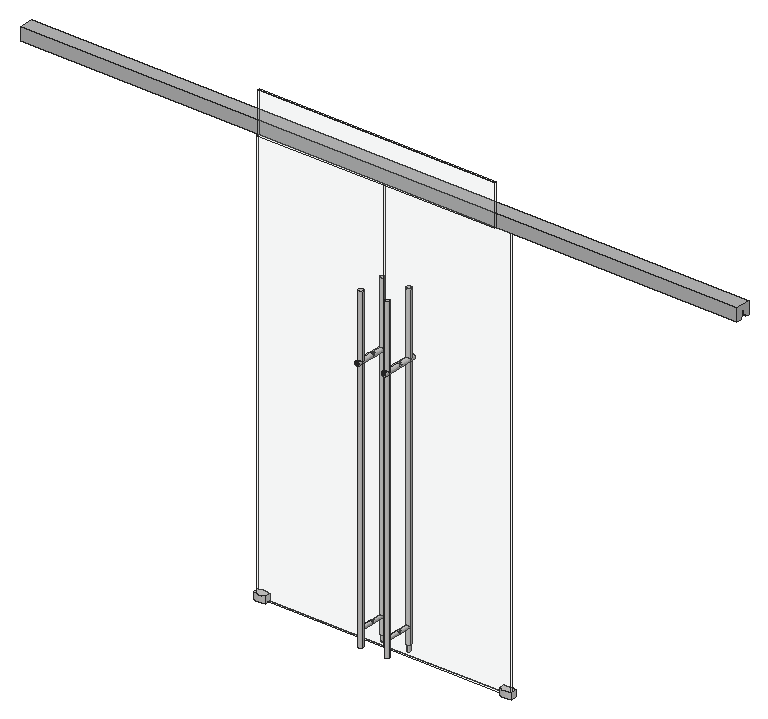
Revit family "Doors_Sliding_Avanti_Systems_Polaris-Auto-Magnetic-Slider_Pair-Glass-Mount-Dbl-Glazed", category Doors, Revit 2015 (continued)
Definition of nested family "Handle"
  Definition of nested family "Hinged Framed Swing locker"
    Automatic sketch dimensions
      Extrusion 3 sketch curve to Extrusion 3 sketch curve = 0.01087"  (x2)
      Extrusion 3 sketch curve to Extrusion 3 sketch curve = 0.08227"
      Extrusion 3 sketch curve to plane 12 = 7/16"
      Extrusion 3 sketch curve to Extrusion 3 sketch curve = 0.09962"
      Extrusion 3 sketch curve to Extrusion 3 sketch curve = 0.1465"
      Extrusion 3 sketch curve to Extrusion 3 sketch curve = 0.06811"  (x2)
      Extrusion 3 sketch curve to Extrusion 3 sketch curve = 0.20701"
      plane 13 to Extrusion 3 sketch curve = 1/16"
      Extrusion 4 sketch curve to Extrusion 4 sketch curve = 0"  (x2)
      Extrusion 4 sketch curve to Extrusion 1 = 1"
      Extrusion 1 to Extrusion 4 sketch curve = 1 15/16"
      Extrusion 5 sketch curve to Extrusion 1 = 1"
      Extrusion 1 to Extrusion 5 sketch curve = 1 15/16"
      Extrusion 7 sketch curve to plane 3 "Center (Left/Right)" = 0"
      plane 25 to Extrusion 7 sketch curve = 0.32895"
      plane 20 to Extrusion 8 sketch curve = 0.80529"
      plane 12 to Extrusion 8 sketch curve = 0.68029"
      Extrusion 8 sketch curve to Extrusion 8 sketch curve = 0.0111"
      Extrusion 8 sketch curve to Extrusion 8 sketch curve = 0.12313"
      Extrusion 8 sketch curve to Extrusion 8 sketch curve = 0.09753"
      Extrusion 8 sketch curve to Extrusion 8 sketch curve = 0.1137"
      Extrusion 9 sketch curve to Extrusion 9 sketch curve = 0"  (x4)
      Extrusion 9 sketch curve to Extrusion 1 = 0.71851"
      Extrusion 9 sketch curve to Extrusion 9 sketch curve = 0.28149"
      Extrusion 1 to Extrusion 9 sketch curve = 3.3098"
      Extrusion 9 sketch curve to Extrusion 9 sketch curve = 0.0652"  (x3)
      Extrusion 1 to Extrusion 9 sketch curve = 2.65457"
      Extrusion 1 to Extrusion 9 sketch curve = 2.57443"
      Extrusion 9 sketch curve to Extrusion 9 sketch curve = 0.21707"
      Extrusion 9 sketch curve to Extrusion 9 sketch curve = 0.14346"
      plane 20 to Extrusion 10 sketch curve = 0.80529"
      plane 12 to Extrusion 10 sketch curve = 0.68029"
      Extrusion 10 sketch curve to Extrusion 10 sketch curve = 0.0111"
      Extrusion 10 sketch curve to Extrusion 10 sketch curve = 0.12313"
      Extrusion 10 sketch curve to Extrusion 10 sketch curve = 0.08537"
      Extrusion 10 sketch curve to Extrusion 10 sketch curve = 0.1137"
      Extrusion 11 sketch curve to plane 3 "Center (Left/Right)" = 0"
      plane 25 to Extrusion 11 sketch curve = 0.32895"
      plane 27 to Extrusion 12 sketch curve = 1.04735"
      Extrusion 12 sketch curve to plane 26 = 0.06323"
      Extrusion 12 sketch curve to plane 26 = 0.05213"
      Extrusion 12 sketch curve to plane 16 = 0.02652"
      Extrusion 12 sketch curve to Extrusion 12 sketch curve = 0.08537"
      Extrusion 12 sketch curve to Extrusion 12 sketch curve = 0.1137"
      Extrusion 13 sketch curve to Extrusion 13 sketch curve = 0"  (x2)
      Extrusion 13 sketch curve to plane 24 = 0"
      Extrusion 13 sketch curve to plane 3 "Center (Left/Right)" = 0"
      plane 28 to Extrusion 13 sketch curve = 0.27265"
      Extrusion 13 sketch curve to plane 24 = 0.0652"  (x2)
      plane 28 to Extrusion 13 sketch curve = 0.35279"
      Extrusion 13 sketch curve to Extrusion 13 sketch curve = 0.0652"  (x2)
      plane 25 to Extrusion 13 sketch curve = 0.32895"
      Extrusion 13 sketch curve to Extrusion 13 sketch curve = 0.14346"
      plane 25 to Extrusion 13 sketch curve = 0.11187"
      plane 3 "Center (Left/Right)" to Extrusion 13 sketch curve = 0.28149"
      plane 27 to Extrusion 14 sketch curve = 1.04735"
      Extrusion 14 sketch curve to plane 26 = 0.06323"
      Extrusion 14 sketch curve to plane 26 = 0.05213"
      Extrusion 14 sketch curve to plane 16 = 0.02652"
      Extrusion 14 sketch curve to Extrusion 14 sketch curve = 0.09753"
      Extrusion 14 sketch curve to Extrusion 14 sketch curve = 0.1137"
      plane 24 to curve 1 = 5/256"
      plane 25 to curve 1 = 0.32895"
      plane 3 "Center (Left/Right)" to curve 1 = 91/256"
      radius of Extrusion 4 sketch curve = 0.63654"
      radius of Extrusion 4 sketch curve = 0.60041"
      radius of Extrusion 5 sketch curve = 0.60041"
      radius of Blend 6 sketch curve = 0.21605"
      radius of Blend 6 sketch curve = 0.19257"
      radius of Extrusion 7 sketch curve = 91/256"
      radius of Extrusion 11 sketch curve = 91/256"
  Definition of nested family "Handle_For-Glass_Rounded_600mm"
    Parameters (values of type "Handle_For-Glass_Rounded_600mm")
      Handle Material [instance] = none
      Handle Height [instance] = 48"  # constant formula
      Default Elevation = 48"
    Reference planes (in)
      plane 1 "Center (Front/Back)": y = 0
      plane 2: z = 26.93599
      plane 3 "Center (Left/Right)": x = 0
      plane 4: z = 0
      plane 5: z = -2.66749
      plane 6: y = -28.44876
      plane 7: y = 14.63423
      plane 8: y = -33.36577
    Forms (in)
      Sweep 1, solid, material <- "Handle Material"
        path origin (0, -17.24158, 0) x (0, 0, 1) y (0, -1, 0)
          loop
            line (-2.10925, 11.20718) -> (0, 11.20718)
        profile origin (0, -28.44876, 0) x (0, -1, 0) y (1, 0, 0)
          loop
            circle (0, 0) r 0.3125
      Sweep 2, solid, material <- "Handle Material"
        path origin (0, 10.76459, 0) x (0, 0, 1) y (0, -1, 0)
          loop
            line (-2.30394, 1.07019) -> (0, 1.07019)
        profile origin (0, 9.69441, 0) x (0, -1, 0) y (1, 0, 0)
          loop
            circle (0, 0) r 0.3125
      Extrusion 3, solid, material <- "Handle Material"
        sketch origin (0, -17.24158, 0) x (1, 0, 0) y (0, 0, -1)
          loop
            circle (0, 2.27257) r 0.39445
        from -16.12419 to 31.87581
    Dimensions and locks (in)
      locked: plane 8 to plane 6 at 4.91701
      "Handle Height": plane 7 to plane 8
      aligned and locked: plane 7 to Extrusion 3
      aligned and locked: Extrusion 3 to plane 8
  Definition of nested family "Handle_For-Glass_Rounded_60in"
    Parameters (values of type "60"")
      No locker [instance] = yes
      Locker [instance] = yes
      Handle Material [instance] = none
      Handle Height [instance] = 60"  # constant formula
    Reference planes (in)
      plane 1 "Center (Front/Back)": y = 0
      plane 2: z = 19.87581
      plane 3 "Center (Left/Right)": x = 0
      plane 4: z = 2.66749
      plane 5: y = -36.97039
      plane 6: z = 0
      plane 7: y = 20.02961
      plane 8: y = -39.97039
    Forms (in)
      Sweep 1, solid, material <- "Handle Material"
        path origin (0, -11.8462, 0) x (0, 0, -1) y (0, 1, 0)
          loop
            line (-2.10925, -25.12419) -> (0, -25.12419)
        profile origin (0, -36.97039, 0) x (1, 0, 0) y (0, 1, 0)
          loop
            circle (0, 0) r 0.3125
      Sweep 2, solid, material <- "Handle Material"
        path origin (0, 16.15997, 0) x (0, 0, -1) y (0, 1, 0)
          loop
            line (-3.10757, -8.13036) -> (0, -8.13036)
        profile origin (0, 8.02961, 0) x (1, 0, 0) y (0, 1, 0)
          loop
            circle (0, 0) r 0.4375
      Extrusion 3, solid, material <- "Handle Material"
        sketch origin (0, -11.8462, 0) x (1, 0, 0) y (0, 0, -1)
          loop
            circle (0, -2.27257) r 0.39445
        from -28.12419 to 31.87581
      Revolve 4, solid, material <- "Handle Material"
        sketch origin (0, -11.8462, 0) x (0, 0, -1) y (0, 1, 0)
          loop
            line (-3.10757, 20.0489) -> (-3.19084, 20.0489) -> (-3.19084, 19.87581) -> (-3.10757, 19.87581) -> (-3.10757, 20.0489)
          axis (-3.10757, 19.87581) -> (-3.19084, 19.87581)
        angle from 0 to 360
      Extrusion 5, solid, material <- "Handle Material", visible <- "Locker"
        sketch origin (0, -11.8462, 0) x (0, 0, -1) y (0, 1, 0)
          loop
            line (-3.19084, 19.98905) -> (-3.34908, 19.98905)
            arc (-3.34908, 19.98905) -> (-3.37904, 19.97664) -> (-3.39145, 19.94668) r 0.04237
            line (-3.39145, 19.94668) -> (-3.39145, 19.80495)
            arc (-3.39145, 19.80495) -> (-3.37904, 19.77499) -> (-3.34908, 19.76258) r 0.04237
            line (-3.34908, 19.76258) -> (-3.19084, 19.76258) -> (-3.19084, 19.98905)
        from -0.03592 to 0.03621
      Revolve 6, solid, material <- "Handle Material", visible <- "No locker"
        sketch origin (0, -11.62359, 0) x (0, 0, -1) y (0, 1, 0)
          loop
            line (-3.10757, 20.0489) -> (-3.20833, 20.0489) -> (-3.20833, 19.87581) -> (-3.10757, 19.87581) -> (-3.10757, 20.0489)
          axis (-3.10757, 19.87581) -> (-3.20833, 19.87581)
        angle from 0 to 360
      Revolve 7, solid, material <- "Handle Material", visible <- "Locker"
        sketch origin (0, -11.8462, 0) x (0, 0, -1) y (0, 1, 0)
          loop
            line (-2.27257, -28.12419) -> (-2.50833, -28.12419) -> (-2.50833, -29.32199) -> (-2.41048, -29.49919) -> (-2.27257, -29.49919) -> (-2.27257, -28.12419)
          axis (-2.27257, -28.12419) -> (-2.27257, -29.49919)
        angle from 0 to 360
    Lines and regions (in)
      reference lines
        curve 1: line (0, -40.47039, 2.66749) -> (0, -40.47039, 0)
    Dimensions and locks (in)
      locked: plane 8 to plane 5 at 3
      "Handle Height": plane 7 to plane 8
      aligned and locked: Extrusion 3 to plane 7
      aligned and locked: Extrusion 3 to plane 8
      aligned and locked: Sweep 1 sketch curve to plane 5
  Definition of nested family "Handle_For-Glass_Rounded_60in2"
    Parameters (values of type "60"")
      No locker [instance] = yes
      Locker [instance] = yes
      Handle Material [instance] = none
      Handle Height [instance] = 60"  # constant formula
    Reference planes (in)
      plane 1 "Center (Front/Back)": y = 0
      plane 2: z = 19.87581
      plane 3 "Center (Left/Right)": x = 0
      plane 4: y = -36.97039
      plane 5: z = 0
      plane 6: y = 20.02961
      plane 7: y = -39.97039
      plane 8: z = -2.66749
    Forms (in)
      Sweep 1, solid, material <- "Handle Material"
        path origin (0, -11.8462, 0) x (0, 0, 1) y (0, 1, 0)
          loop
            line (-2.10925, -25.12419) -> (0, -25.12419)
        profile origin (0, -36.97039, 0) x (0, -1, 0) y (1, 0, 0)
          loop
            circle (0, 0) r 0.3125
      Sweep 2, solid, material <- "Handle Material"
        path origin (0, 16.15997, 0) x (0, 0, 1) y (0, 1, 0)
          loop
            line (-3.10757, -8.13036) -> (0, -8.13036)
        profile origin (0, 8.02961, 0) x (0, -1, 0) y (1, 0, 0)
          loop
            circle (0, 0) r 0.4375
      Extrusion 3, solid, material <- "Handle Material"
        sketch origin (0, -11.8462, 0) x (1, 0, 0) y (0, 0, -1)
          loop
            circle (0, 2.27257) r 0.39445
        from -28.12419 to 31.87581
      Revolve 4, solid, material <- "Handle Material"
        sketch origin (0, -11.8462, 0) x (0, 0, 1) y (0, 1, 0)
          loop
            line (-3.10757, 20.0489) -> (-3.19084, 20.0489) -> (-3.19084, 19.87581) -> (-3.10757, 19.87581) -> (-3.10757, 20.0489)
          axis (-3.10757, 19.87581) -> (-3.19084, 19.87581)
        angle from 0 to 360
      Extrusion 5, solid, material <- "Handle Material", visible <- "Locker"
        sketch origin (0, -11.8462, 0) x (0, 0, 1) y (0, -1, 0)
          loop
            line (-3.19084, -19.98905) -> (-3.19084, -19.76258) -> (-3.34908, -19.76258)
            arc (-3.34908, -19.76258) -> (-3.37904, -19.77499) -> (-3.39145, -19.80495) r 0.04237
            line (-3.39145, -19.80495) -> (-3.39145, -19.94668)
            arc (-3.39145, -19.94668) -> (-3.37904, -19.97664) -> (-3.34908, -19.98905) r 0.04237
            line (-3.34908, -19.98905) -> (-3.19084, -19.98905)
        from -0.03592 to 0.03621
      Revolve 6, solid, material <- "Handle Material", visible <- "No locker"
        sketch origin (0, -11.62359, 0) x (0, 0, 1) y (0, 1, 0)
          loop
            line (-3.10757, 20.0489) -> (-3.20833, 20.0489) -> (-3.20833, 19.87581) -> (-3.10757, 19.87581) -> (-3.10757, 20.0489)
          axis (-3.10757, 19.87581) -> (-3.20833, 19.87581)
        angle from 0 to 360
      Revolve 7, solid, material <- "Handle Material", visible <- "Locker"
        sketch origin (0, -11.8462, 0) x (0, 0, 1) y (0, 1, 0)
          loop
            line (-2.27257, -28.12419) -> (-2.50833, -28.12419) -> (-2.50833, -29.32199) -> (-2.41048, -29.49919) -> (-2.27257, -29.49919) -> (-2.27257, -28.12419)
          axis (-2.27257, -28.12419) -> (-2.27257, -29.49919)
        angle from 0 to 360
    Lines and regions (in)
      reference lines
        curve 1: line (0, -40.47039, -2.66749) -> (0, -40.47039, 0)
    Dimensions and locks (in)
      locked: plane 7 to plane 4 at 3
      "Handle Height": plane 6 to plane 7
Definition of nested family "Rail Detail"
  Parameters (values of type "Family9")
    Thickness = 1/2"
    Half Thickness = Thickness / 2  # 1/4"
  Reference planes (in)
    plane 1 "Center (Front/Back)": y = 0
    plane 2: z = 0
    plane 3 "Center (Left/Right)": x = 0
    plane 4: x = 0.07386
  Lines and regions (in)
    model lines, in view "Ref. Level"
      curve 1: arc (-1.04773, 0.84252, 0) -> (-0.88829, 0.68307, 0) -> (-0.72884, 0.84252, 0) r 0.15945
      curve 2: arc (-0.72884, -0.84252, 0) -> (-0.8873, -0.68406, 0) -> (-1.04577, -0.84252, 0) r 0.15846
      curve 3: arc (1.33613, 1.08268, 0) -> (1.31306, 1.13836, 0) -> (1.25739, 1.16142, 0) r 0.07874
      curve 4: arc (1.25739, -1.18111, 0) -> (1.31306, -1.15804, 0) -> (1.33613, -1.10236, 0) r 0.07874
      curve 5: arc (0.74558, -1.16929, 0) -> (0.74904, -1.17765, 0) -> (0.75739, -1.18111, 0) r 0.01181
      curve 6: arc (0.75739, -1.07284, 0) -> (0.74903, -1.0763, 0) -> (0.74558, -1.08465, 0) r 0.01181
      curve 7: arc (0.80848, -1.07562, 0) -> (0.80492, -1.07355, 0) -> (0.80087, -1.07284, 0) r 0.01182
      curve 8: arc (0.81644, -1.08759, 0) -> (0.81516, -1.08223, 0) -> (0.81158, -1.07804, 0) r 0.01181
      curve 9: arc (0.81644, -1.12205, 0) -> (0.81875, -1.12762, 0) -> (0.82432, -1.12992, 0) r 0.00787
      curve 10: arc (0.86369, -1.12992, 0) -> (0.86925, -1.12762, 0) -> (0.87156, -1.12205, 0) r 0.00787
      curve 11: arc (0.87642, -1.07804, 0) -> (0.87285, -1.08223, 0) -> (0.87156, -1.08759, 0) r 0.01181
      curve 12: arc (0.87642, -1.07804, 0) -> (0.89912, -1.03347, 0) -> (0.87642, -0.9889, 0) r 0.05512
      curve 13: arc (0.87156, -0.97934, 0) -> (0.87285, -0.9847, 0) -> (0.87642, -0.9889, 0) r 0.01182
      curve 14: arc (0.87156, -0.94488, 0) -> (0.86925, -0.93932, 0) -> (0.86369, -0.93701, 0) r 0.00787
      curve 15: arc (0.82432, -0.93701, 0) -> (0.81875, -0.93932, 0) -> (0.81644, -0.94488, 0) r 0.00787
      curve 16: arc (0.81158, -0.98889, 0) -> (0.81516, -0.9847, 0) -> (0.81644, -0.97934, 0) r 0.01182
      curve 17: arc (0.80088, -0.9941, 0) -> (0.80493, -0.99338, 0) -> (0.80848, -0.99132, 0) r 0.0118
      curve 18: arc (0.74558, -0.98229, 0) -> (0.74903, -0.99064, 0) -> (0.75739, -0.9941, 0) r 0.01181
      curve 19: arc (0.75739, -0.88583, 0) -> (0.74903, -0.88929, 0) -> (0.74558, -0.89764, 0) r 0.01181
      curve 20: arc (1.00148, -0.89764, 0) -> (0.99802, -0.88929, 0) -> (0.98967, -0.88583, 0) r 0.01181
      curve 21: arc (1.00148, -1.09055, 0) -> (1.00494, -1.0989, 0) -> (1.01329, -1.10236, 0) r 0.01181
      curve 22: arc (1.26526, -1.10236, 0) -> (1.27361, -1.0989, 0) -> (1.27707, -1.09055, 0) r 0.01181
      curve 23: arc (1.27707, 0.68898, 0) -> (1.26554, 0.71682, 0) -> (1.2377, 0.72835, 0) r 0.03937
      curve 24: arc (1.21802, 0.74016, 0) -> (1.22148, 0.73181, 0) -> (1.22983, 0.72835, 0) r 0.01181
      curve 25: arc (1.21802, 1.01968, 0) -> (1.21571, 1.02525, 0) -> (1.21014, 1.02756, 0) r 0.00788
      curve 26: arc (0.844, 1.09843, 0) -> (0.80857, 1.06299, 0) -> (0.844, 1.02756, 0) r 0.03543
      curve 27: arc (1.07629, 1.09843, 0) -> (1.08185, 1.10073, 0) -> (1.08416, 1.1063, 0) r 0.00787
      curve 28: arc (1.09204, 1.16142, 0) -> (1.08647, 1.15911, 0) -> (1.08416, 1.15354, 0) r 0.00788
      curve 29: arc (-1.25049, 0.88583, 0) -> (-1.25884, 0.88237, 0) -> (-1.2623, 0.87402, 0) r 0.01181
      curve 30: arc (-1.2623, -0.87402, 0) -> (-1.25884, -0.88237, 0) -> (-1.25049, -0.88583, 0) r 0.01181
      curve 31: arc (-0.46309, -0.9941, 0) -> (-0.45474, -0.99064, 0) -> (-0.45128, -0.98229, 0) r 0.01181
      curve 32: arc (-0.51419, -0.99132, 0) -> (-0.51689, -0.98918, 0) -> (-0.51971, -0.98722, 0) r 0.05492
      curve 33: arc (0.82235, 0.88583, 0) -> (0.814, 0.88237, 0) -> (0.81054, 0.87402, 0) r 0.01181
      curve 34: arc (-0.1875, 1.02362, 0) -> (-0.19585, 1.02017, 0) -> (-0.19931, 1.01181, 0) r 0.01181
      curve 35: arc (-0.21112, 0.95669, 0) -> (-0.20277, 0.96015, 0) -> (-0.19931, 0.9685, 0) r 0.01181
      curve 36: arc (-0.49065, 0.95669, 0) -> (-0.499, 0.95323, 0) -> (-0.50246, 0.94488, 0) r 0.01181
      curve 37: arc (-0.50246, 0.85827, 0) -> (-0.499, 0.84992, 0) -> (-0.49065, 0.84646, 0) r 0.01181
      curve 38: arc (-0.39616, 0.83465, 0) -> (-0.39962, 0.843, 0) -> (-0.40797, 0.84646, 0) r 0.01181
      curve 39: arc (-0.40797, 0.72835, 0) -> (-0.39962, 0.73181, 0) -> (-0.39616, 0.74016, 0) r 0.01181
      curve 40: arc (-0.50593, 0.73181, 0) -> (-0.50209, 0.72925, 0) -> (-0.49756, 0.72835, 0) r 0.01184
      curve 41: arc (-0.60088, 0.83166, 0) -> (-0.59998, 0.82715, 0) -> (-0.59743, 0.82332, 0) r 0.0118
      curve 42: arc (-0.60088, 0.87402, 0) -> (-0.60434, 0.88237, 0) -> (-0.61269, 0.88583, 0) r 0.01181
      curve 43: arc (1.13337, 0.87402, 0) -> (1.12991, 0.88237, 0) -> (1.12156, 0.88583, 0) r 0.01181
      curve 44: arc (0.81054, 0.8189, 0) -> (0.814, 0.81054, 0) -> (0.82235, 0.80709, 0) r 0.01181
      curve 45: arc (0.86369, 0.79528, 0) -> (0.86023, 0.80363, 0) -> (0.85188, 0.80709, 0) r 0.01181
      curve 46: arc (0.85188, 0.72835, 0) -> (0.86023, 0.73181, 0) -> (0.86369, 0.74016, 0) r 0.01181
      curve 47: arc (0.59991, 0.84646, 0) -> (0.59155, 0.843, 0) -> (0.58809, 0.83465, 0) r 0.01181
      curve 48: arc (0.68258, 0.84646, 0) -> (0.69094, 0.84992, 0) -> (0.69439, 0.85827, 0) r 0.01181
      curve 49: arc (-0.45128, -0.89764, 0) -> (-0.45474, -0.88929, 0) -> (-0.46309, -0.88583, 0) r 0.01181
      curve 50: arc (-0.51419, -0.99132, 0) -> (-0.51063, -0.99338, 0) -> (-0.50658, -0.9941, 0) r 0.0118
      curve 51: arc (-0.57969, -0.98722, 0) -> (-0.60482, -1.03347, 0) -> (-0.57969, -1.07971, 0) r 0.05512
      curve 52: arc (-0.51971, -1.07971, 0) -> (-0.51688, -1.07775, 0) -> (-0.51418, -1.07562, 0) r 0.05538
      curve 53: arc (-0.50657, -1.07284, 0) -> (-0.51062, -1.07355, 0) -> (-0.51418, -1.07562, 0) r 0.01182
      curve 54: arc (-0.45128, -1.08465, 0) -> (-0.45474, -1.0763, 0) -> (-0.46309, -1.07284, 0) r 0.01181
      curve 55: arc (-0.46309, -1.18111, 0) -> (-0.45474, -1.17765, 0) -> (-0.45128, -1.16929, 0) r 0.01181
      curve 56: arc (-1.41978, -1.10236, 0) -> (-1.39672, -1.15804, 0) -> (-1.34104, -1.18111, 0) r 0.07874
      curve 57: arc (-1.34104, 1.1811, 0) -> (-1.39672, 1.15804, 0) -> (-1.41978, 1.10236, 0) r 0.07874
      curve 58: arc (0.5881, 0.74016, 0) -> (0.59155, 0.73181, 0) -> (0.59991, 0.72835, 0) r 0.01181
      curve 59: arc (0.78638, 1.17372, 0) -> (0.78203, 1.17909, 0) -> (0.77543, 1.1811, 0) r 0.01181
      curve 60: arc (0.78638, 1.17372, 0) -> (0.80463, 1.16142, 0) -> (0.82288, 1.17372, 0) r 0.01969
      curve 61: arc (0.83383, 1.1811, 0) -> (0.82723, 1.17909, 0) -> (0.82288, 1.17372, 0) r 0.01181
      curve 62: arc (0.69439, 0.94488, 0) -> (0.69094, 0.95323, 0) -> (0.68258, 0.95669, 0) r 0.01181
      curve 63: arc (0.39124, 0.9685, 0) -> (0.3947, 0.96015, 0) -> (0.40305, 0.95669, 0) r 0.01181
      curve 64: arc (0.39124, 1.01181, 0) -> (0.38779, 1.02017, 0) -> (0.37943, 1.02362, 0) r 0.01181
      curve 65: arc (1.20893, 0.9635, 0) -> (1.21547, 0.96767, 0) -> (1.21802, 0.975, 0) r 0.01181
      curve 66: arc (1.20893, 0.9635, 0) -> (1.17865, 0.9252, 0) -> (1.20893, 0.88689, 0) r 0.03937
      curve 67: arc (1.21802, 0.8754, 0) -> (1.21547, 0.88272, 0) -> (1.20893, 0.88689, 0) r 0.01181
      curve 68: arc (1.20621, 0.72835, 0) -> (1.21456, 0.73181, 0) -> (1.21802, 0.74016, 0) r 0.01181
      curve 69: arc (1.08022, 0.74016, 0) -> (1.08368, 0.73181, 0) -> (1.09203, 0.72835, 0) r 0.01181
      curve 70: arc (1.09203, 0.80709, 0) -> (1.08368, 0.80363, 0) -> (1.08022, 0.79528, 0) r 0.01181
      curve 71: arc (1.12156, 0.80709, 0) -> (1.12991, 0.81054, 0) -> (1.13337, 0.8189, 0) r 0.01181
      curve 72: arc (-1.09695, -1.04331, 0) -> (-1.09464, -1.04888, 0) -> (-1.08907, -1.05118, 0) r 0.00787
      curve 73: arc (-0.6875, -1.05118, 0) -> (-0.68193, -1.04888, 0) -> (-0.67962, -1.04331, 0) r 0.00787
      curve 74: arc (-0.67175, -0.88583, 0) -> (-0.67732, -0.88813, 0) -> (-0.67962, -0.8937, 0) r 0.00787
      curve 75: arc (-1.09695, -0.8937, 0) -> (-1.09925, -0.88814, 0) -> (-1.10482, -0.88583, 0) r 0.00787
      curve 76: arc (-1.08907, 1.05118, 0) -> (-1.09463, 1.04888, 0) -> (-1.09695, 1.04332, 0) r 0.00788
      curve 77: arc (-1.10482, 0.88583, 0) -> (-1.09925, 0.88814, 0) -> (-1.09695, 0.8937, 0) r 0.00787
      curve 78: arc (-0.67962, 1.0433, 0) -> (-0.68193, 1.04888, 0) -> (-0.6875, 1.05118, 0) r 0.00788
      curve 79: arc (-0.67962, 0.8937, 0) -> (-0.67732, 0.88813, 0) -> (-0.67175, 0.88583, 0) r 0.00787
      curve 80: arc (-0.53002, -1.12992, 0) -> (-0.52445, -1.12762, 0) -> (-0.52214, -1.12205, 0) r 0.00787
      curve 81: arc (-0.57726, -1.12205, 0) -> (-0.57495, -1.12762, 0) -> (-0.56939, -1.12992, 0) r 0.00787
      curve 82: arc (-0.56939, -0.93701, 0) -> (-0.57495, -0.93932, 0) -> (-0.57726, -0.94488, 0) r 0.00787
      curve 83: arc (-0.52214, -0.94488, 0) -> (-0.52445, -0.93932, 0) -> (-0.53002, -0.93701, 0) r 0.00787
      curve 84: arc (1.08022, 1.16929, 0) -> (1.07676, 1.17764, 0) -> (1.06841, 1.1811, 0) r 0.01181
      curve 85: arc (1.04085, 1.10236, 0) -> (1.06869, 1.1139, 0) -> (1.08022, 1.14173, 0) r 0.03937
      curve 86: arc (0.99314, 1.10691, 0) -> (0.99728, 1.10356, 0) -> (1.00246, 1.10236, 0) r 0.01181
      curve 87: arc (0.99314, 1.10691, 0) -> (0.96211, 1.12205, 0) -> (0.93108, 1.10691, 0) r 0.03937
      curve 88: arc (0.92177, 1.10236, 0) -> (0.92695, 1.10356, 0) -> (0.93108, 1.10691, 0) r 0.01181
      curve 89: arc (0.844, 1.10236, 0) -> (0.80463, 1.06299, 0) -> (0.844, 1.02362, 0) r 0.03937
      curve 90: arc (0.93108, 1.01908, 0) -> (0.92695, 1.02243, 0) -> (0.92177, 1.02362, 0) r 0.01181
      curve 91: arc (0.93108, 1.01908, 0) -> (0.96211, 1.00394, 0) -> (0.99314, 1.01908, 0) r 0.03937
      curve 92: arc (1.00246, 1.02362, 0) -> (0.99727, 1.02243, 0) -> (0.99314, 1.01908, 0) r 0.01181
      curve 93: arc (1.21802, 1.01181, 0) -> (1.21456, 1.02017, 0) -> (1.20621, 1.02362, 0) r 0.01181
      curve 94: line (-1.03396, 1, 0) -> (-0.74262, 1, 0)
      curve 95: line (-1.04773, 0.84252, 0) -> (-1.04773, 0.89626, 0)
      curve 96: line (-0.72884, 0.89626, 0) -> (-0.72884, 0.84252, 0)
      curve 97: line (-1.03396, -1, 0) -> (-0.74262, -1, 0)
      curve 98: line (-0.72884, -0.89626, 0) -> (-0.72884, -0.84252, 0)
      curve 99: line (-1.04577, -0.84252, 0) -> (-1.04577, -0.89626, 0)
      curve 100: line (1.33613, -1.10236, 0) -> (1.33613, 1.08268, 0)
      curve 101: line (0.75739, -1.18111, 0) -> (1.25739, -1.18111, 0)
      curve 102: line (0.75739, -1.07284, 0) -> (0.80087, -1.07284, 0)
      curve 103: line (0.81644, -1.08759, 0) -> (0.81644, -1.12205, 0)
      curve 104: line (0.82432, -1.12992, 0) -> (0.86369, -1.12992, 0)
      curve 105: line (0.87156, -1.12205, 0) -> (0.87156, -1.08759, 0)
      curve 106: line (0.87156, -0.97934, 0) -> (0.87156, -0.94488, 0)
      curve 107: line (0.86369, -0.93701, 0) -> (0.82432, -0.93701, 0)
      curve 108: line (0.81644, -0.94488, 0) -> (0.81644, -0.97934, 0)
      curve 109: line (0.80088, -0.9941, 0) -> (0.75739, -0.9941, 0)
      curve 110: line (0.75739, -0.88583, 0) -> (0.98967, -0.88583, 0)
      curve 111: line (1.26526, -1.10236, 0) -> (1.01329, -1.10236, 0)
      curve 112: line (1.27707, 0.68898, 0) -> (1.27707, -1.09055, 0)
      curve 113: line (1.22983, 0.72835, 0) -> (1.2377, 0.72835, 0)
      curve 114: line (1.21802, 1.01968, 0) -> (1.21802, 0.74016, 0)
      curve 115: line (1.21802, 0.74016, 0) -> (1.21802, 0.8754, 0)
      curve 116: line (1.00246, 1.02362, 0) -> (1.20621, 1.02362, 0)
      curve 117: line (1.21014, 1.02756, 0) -> (0.844, 1.02756, 0)
      curve 118: line (0.844, 1.02362, 0) -> (0.92177, 1.02362, 0)
      curve 119: line (0.92177, 1.10236, 0) -> (0.844, 1.10236, 0)
      curve 120: line (0.844, 1.09843, 0) -> (1.07629, 1.09843, 0)
      curve 121: line (1.08416, 1.1063, 0) -> (1.08416, 1.15354, 0)
      curve 122: line (1.25739, 1.16142, 0) -> (1.09204, 1.16142, 0)
      curve 123: line (0.74558, -0.89764, 0) -> (0.74558, -0.98229, 0)
      curve 124: line (1.00148, -1.09055, 0) -> (1.00148, -0.89764, 0)
      curve 125: line (0.74558, -1.08465, 0) -> (0.74558, -1.16929, 0)
      curve 126: line (-1.25049, 0.88583, 0) -> (-1.10482, 0.88583, 0)
      curve 127: line (-1.2623, -0.87402, 0) -> (-1.2623, 0.87402, 0)
      curve 128: line (-0.50658, -0.9941, 0) -> (-0.46309, -0.9941, 0)
      curve 129: line (0.82235, 0.88583, 0) -> (1.12156, 0.88583, 0)
      curve 130: line (-0.19931, 0.9685, 0) -> (-0.19931, 1.01181, 0)
      curve 131: line (-0.49065, 0.95669, 0) -> (-0.21112, 0.95669, 0)
      curve 132: line (-0.50246, 0.85827, 0) -> (-0.50246, 0.94488, 0)
      curve 133: line (-0.40797, 0.84646, 0) -> (-0.49065, 0.84646, 0)
      curve 134: line (-0.39616, 0.74016, 0) -> (-0.39616, 0.83465, 0)
      curve 135: line (-0.49756, 0.72835, 0) -> (-0.40797, 0.72835, 0)
      curve 136: line (-0.59743, 0.82332, 0) -> (-0.50593, 0.73181, 0)
      curve 137: line (-0.60088, 0.87402, 0) -> (-0.60088, 0.83166, 0)
      curve 138: line (-0.67175, 0.88583, 0) -> (-0.61269, 0.88583, 0)
      curve 139: line (1.13337, 0.87402, 0) -> (1.13337, 0.8189, 0)
      curve 140: line (0.81054, 0.8189, 0) -> (0.81054, 0.87402, 0)
      curve 141: line (0.85188, 0.80709, 0) -> (0.82235, 0.80709, 0)
      curve 142: line (0.86369, 0.74016, 0) -> (0.86369, 0.79528, 0)
      curve 143: line (0.59991, 0.72835, 0) -> (0.85188, 0.72835, 0)
      curve 144: line (0.58809, 0.83465, 0) -> (0.58809, 0.74016, 0)
      curve 145: line (0.68258, 0.84646, 0) -> (0.59991, 0.84646, 0)
      curve 146: line (-1.10482, -0.88583, 0) -> (-1.25049, -0.88583, 0)
      curve 147: line (-0.46309, -0.88583, 0) -> (-0.67175, -0.88583, 0)
      curve 148: line (-0.45128, -0.98229, 0) -> (-0.45128, -0.89764, 0)
      curve 149: line (-0.1875, 1.02362, 0) -> (0.07628, 1.02362, 0)
      curve 150: line (0.07628, 1.02362, 0) -> (0.09597, 1.04331, 0)
      curve 151: line (0.09597, 1.04331, 0) -> (0.11565, 1.02362, 0)
      curve 152: line (0.11565, 1.02362, 0) -> (0.37943, 1.02362, 0)
      curve 153: line (-0.46309, -1.07284, 0) -> (-0.50657, -1.07284, 0)
      curve 154: line (-0.45128, -1.16929, 0) -> (-0.45128, -1.08465, 0)
      curve 155: line (-1.34104, -1.18111, 0) -> (-0.46309, -1.18111, 0)
      curve 156: line (-1.41978, 1.10236, 0) -> (-1.41978, -1.10236, 0)
      curve 157: line (1.06841, 1.1811, 0) -> (0.83383, 1.1811, 0)
      curve 158: line (0.69439, 0.94488, 0) -> (0.69439, 0.85827, 0)
      curve 159: line (0.39124, 1.01181, 0) -> (0.39124, 0.9685, 0)
      curve 160: line (1.09203, 0.72835, 0) -> (1.20621, 0.72835, 0)
      curve 161: line (1.08022, 0.79528, 0) -> (1.08022, 0.74016, 0)
      curve 162: line (1.12156, 0.80709, 0) -> (1.09203, 0.80709, 0)
      curve 163: line (0.40305, 0.95669, 0) -> (0.68258, 0.95669, 0)
      curve 164: line (-1.09695, 1.04332, 0) -> (-1.09695, 0.8937, 0)
      curve 165: line (-0.6875, 1.05118, 0) -> (-1.08907, 1.05118, 0)
      curve 166: line (-0.67962, 0.8937, 0) -> (-0.67962, 1.0433, 0)
      curve 167: line (-0.67962, -1.04331, 0) -> (-0.67962, -0.8937, 0)
      curve 168: line (-1.08907, -1.05118, 0) -> (-0.6875, -1.05118, 0)
      curve 169: line (-1.09695, -0.8937, 0) -> (-1.09695, -1.04331, 0)
      curve 170: line (-0.57726, -1.08181, 0) -> (-0.57726, -1.12205, 0)
      curve 171: line (-0.52214, -1.12205, 0) -> (-0.52214, -1.08181, 0)
      curve 172: line (-0.52214, -0.98513, 0) -> (-0.52214, -0.94488, 0)
      curve 173: line (-0.57726, -0.94488, 0) -> (-0.57726, -0.98513, 0)
      curve 174: line (-0.53002, -1.12992, 0) -> (-0.56939, -1.12992, 0)
      curve 175: line (-0.56939, -0.93701, 0) -> (-0.53002, -0.93701, 0)
      curve 176: line (0.77543, 1.1811, 0) -> (-1.34104, 1.1811, 0)
      curve 177: line (1.08022, 1.14173, 0) -> (1.08022, 1.16929, 0)
      curve 178: line (1.00246, 1.10236, 0) -> (1.04085, 1.10236, 0)
      curve 179: line (1.21802, 0.975, 0) -> (1.21802, 1.01181, 0)
      curve 180: arc (-0.72476, 0.90317, 0) -> (-0.72774, 0.90027, 0) -> (-0.72884, 0.89626, 0) r 0.00789
      curve 181: arc (-0.72476, 0.90317, 0) -> (-0.71407, 0.92126, 0) -> (-0.72476, 0.93936, 0) r 0.02067
      curve 182: arc (-0.72884, 0.94626, 0) -> (-0.72774, 0.94225, 0) -> (-0.72476, 0.93936, 0) r 0.00787
      curve 183: arc (-1.05181, 0.93936, 0) -> (-1.04883, 0.94225, 0) -> (-1.04773, 0.94626, 0) r 0.00787
      curve 184: arc (-1.05181, 0.93936, 0) -> (-1.0625, 0.92126, 0) -> (-1.05181, 0.90317, 0) r 0.02067
      curve 185: arc (-1.04773, 0.89626, 0) -> (-1.04883, 0.90027, 0) -> (-1.05181, 0.90317, 0) r 0.00789
      curve 186: arc (-1.07529, 1.04331, 0) -> (-1.08365, 1.03984, 0) -> (-1.0871, 1.03148, 0) r 0.01181
      curve 187: arc (-0.68947, 1.0315, 0) -> (-0.69293, 1.03985, 0) -> (-0.70128, 1.04331, 0) r 0.01181
      curve 188: arc (-1.03592, 1, 0) -> (-1.04427, 0.99654, 0) -> (-1.04773, 0.98818, 0) r 0.01182
      curve 189: arc (-1.05954, 0.84646, 0) -> (-1.05119, 0.84992, 0) -> (-1.04773, 0.85827, 0) r 0.01181
      curve 190: arc (-0.72884, 0.98818, 0) -> (-0.7323, 0.99654, 0) -> (-0.74065, 1, 0) r 0.01182
      curve 191: arc (-0.72884, 0.85827, 0) -> (-0.72538, 0.84992, 0) -> (-0.71703, 0.84646, 0) r 0.01181
      curve 192: arc (-0.6245, 0.84646, 0) -> (-0.61615, 0.84992, 0) -> (-0.61269, 0.85827, 0) r 0.01181
      curve 193: arc (-0.61269, 0.87402, 0) -> (-0.61615, 0.88237, 0) -> (-0.6245, 0.88583, 0) r 0.01181
      curve 194: arc (-0.68947, 0.89764, 0) -> (-0.68601, 0.88929, 0) -> (-0.67766, 0.88583, 0) r 0.01181
      curve 195: arc (-1.09891, 0.88583, 0) -> (-1.09056, 0.88929, 0) -> (-1.0871, 0.89764, 0) r 0.01181
      curve 196: arc (-1.16388, 0.85827, 0) -> (-1.16042, 0.84992, 0) -> (-1.15207, 0.84646, 0) r 0.01181
      curve 197: arc (-1.15207, 0.88583, 0) -> (-1.16042, 0.88237, 0) -> (-1.16388, 0.87402, 0) r 0.01181
      curve 198: arc (-1.04773, -0.94626, 0) -> (-1.04883, -0.94226, 0) -> (-1.05181, -0.93936, 0) r 0.00787
      curve 199: arc (-0.72476, -0.93936, 0) -> (-0.72774, -0.94226, 0) -> (-0.72884, -0.94626, 0) r 0.00787
      curve 200: arc (-0.70128, -1.04331, 0) -> (-0.69293, -1.03985, 0) -> (-0.68947, -1.0315, 0) r 0.01181
      curve 201: arc (-1.04773, -0.98819, 0) -> (-1.04428, -0.99654, 0) -> (-1.03592, -1, 0) r 0.01181
      curve 202: arc (-1.04577, -0.85827, 0) -> (-1.04923, -0.84992, 0) -> (-1.05758, -0.84646, 0) r 0.01181
      curve 203: arc (-0.74065, -1, 0) -> (-0.7323, -0.99654, 0) -> (-0.72884, -0.98819, 0) r 0.01181
      curve 204: arc (-0.71702, -0.84646, 0) -> (-0.72538, -0.84992, 0) -> (-0.72884, -0.85827, 0) r 0.01181
      curve 205: arc (-0.61269, -0.85827, 0) -> (-0.61615, -0.84992, 0) -> (-0.62451, -0.84646, 0) r 0.01181
      curve 206: arc (-0.62451, -0.88583, 0) -> (-0.61615, -0.88237, 0) -> (-0.61269, -0.87402, 0) r 0.01181
      curve 207: arc (-0.67766, -0.88583, 0) -> (-0.68601, -0.88929, 0) -> (-0.68947, -0.89764, 0) r 0.01181
      curve 208: arc (-1.0871, -0.89764, 0) -> (-1.09056, -0.88929, 0) -> (-1.09891, -0.88583, 0) r 0.01181
      curve 209: arc (-1.15206, -0.84646, 0) -> (-1.16042, -0.84992, 0) -> (-1.16388, -0.85827, 0) r 0.01181
      curve 210: arc (-1.16388, -0.87402, 0) -> (-1.16042, -0.88237, 0) -> (-1.15206, -0.88583, 0) r 0.01181
      curve 211: arc (-1.0871, -1.0315, 0) -> (-1.08365, -1.03985, 0) -> (-1.07529, -1.04331, 0) r 0.01181
      curve 212: arc (-1.05181, -0.90316, 0) -> (-1.04883, -0.90027, 0) -> (-1.04773, -0.89626, 0) r 0.00787
      curve 213: arc (-0.72884, -0.89626, 0) -> (-0.72774, -0.90027, 0) -> (-0.72476, -0.90316, 0) r 0.00787
      curve 214: arc (-1.05181, -0.90316, 0) -> (-1.0625, -0.92126, 0) -> (-1.05181, -0.93936, 0) r 0.02067
      curve 215: arc (-0.72476, -0.93936, 0) -> (-0.71407, -0.92126, 0) -> (-0.72476, -0.90316, 0) r 0.02067
      curve 216: line (-0.67766, 0.88583, 0) -> (-0.6245, 0.88583, 0)
      curve 217: line (-0.61269, 0.87402, 0) -> (-0.61269, 0.85827, 0)
      curve 218: line (-0.6245, 0.84646, 0) -> (-0.71703, 0.84646, 0)
      curve 219: line (-0.72884, 0.85827, 0) -> (-0.72884, 0.89626, 0)
      curve 220: line (-0.72884, 0.94626, 0) -> (-0.72884, 0.98818, 0)
      curve 221: line (-0.74065, 1, 0) -> (-1.03592, 1, 0)
      curve 222: line (-1.04773, 0.98818, 0) -> (-1.04773, 0.94626, 0)
      curve 223: line (-1.04773, 0.89626, 0) -> (-1.04773, 0.85827, 0)
      curve 224: line (-1.05954, 0.84646, 0) -> (-1.15207, 0.84646, 0)
      curve 225: line (-1.16388, 0.85827, 0) -> (-1.16388, 0.87402, 0)
      curve 226: line (-1.15207, 0.88583, 0) -> (-1.09891, 0.88583, 0)
      curve 227: line (-1.07529, 1.04331, 0) -> (-0.70128, 1.04331, 0)
      curve 228: line (-0.68947, 1.0315, 0) -> (-0.68947, 0.89764, 0)
      curve 229: line (-1.0871, 0.89764, 0) -> (-1.0871, 1.03148, 0)
      curve 230: line (-0.70128, -1.04331, 0) -> (-1.07529, -1.04331, 0)
      curve 231: line (-0.62451, -0.84646, 0) -> (-0.71702, -0.84646, 0)
      curve 232: line (-0.61269, -0.87402, 0) -> (-0.61269, -0.85827, 0)
      curve 233: line (-0.67766, -0.88583, 0) -> (-0.62451, -0.88583, 0)
      curve 234: line (-1.15206, -0.88583, 0) -> (-1.09891, -0.88583, 0)
      curve 235: line (-1.16388, -0.85827, 0) -> (-1.16388, -0.87402, 0)
      curve 236: line (-1.05758, -0.84646, 0) -> (-1.15206, -0.84646, 0)
      curve 237: line (-1.04577, -0.89626, 0) -> (-1.04577, -0.85827, 0)
      curve 238: line (-0.74065, -1, 0) -> (-1.03592, -1, 0)
      curve 239: line (-0.72884, -0.94626, 0) -> (-0.72884, -0.98819, 0)
      curve 240: line (-0.72884, -0.85827, 0) -> (-0.72884, -0.89626, 0)
      curve 241: line (-1.04773, -0.98819, 0) -> (-1.04773, -0.94626, 0)
      curve 242: line (-0.68947, -1.0315, 0) -> (-0.68947, -0.89764, 0)
      curve 243: line (-1.0871, -0.89764, 0) -> (-1.0871, -1.0315, 0)
      curve 244: arc (0.91005, 0.71109, 0) -> (0.77573, 0.72832, 0) -> (0.6418, 0.70829, 0) r 0.49218
      curve 245: arc (-0.99964, 0.71542, 0) -> (-0.88829, 0.66929, 0) -> (-0.77693, 0.71542, 0) r 0.15748
      curve 246: arc (-0.99964, 0.54219, 0) -> (-0.88829, 0.49606, 0) -> (-0.77693, 0.54219, 0) r 0.15748
      curve 247: arc (-0.46, 0.66929, 0) -> (-0.4688, 0.66385, 0) -> (-0.46787, 0.65354, 0) r 0.00984
      curve 248: arc (0.71591, -0.49409, 0) -> (0.70199, -0.49986, 0) -> (0.69623, -0.51378, 0) r 0.01969
      curve 249: arc (0.87339, -0.49409, 0) -> (0.88731, -0.48833, 0) -> (0.89308, -0.47441, 0) r 0.01969
      curve 250: arc (0.89308, -0.3563, 0) -> (0.88926, -0.34465, 0) -> (0.8793, -0.33752, 0) r 0.01969
      curve 251: arc (1.15621, 0.54584, 0) -> (1.13067, 0.56291, 0) -> (1.10054, 0.5689, 0) r 0.07873
      curve 252: arc (1.15621, 0.49016, 0) -> (1.16495, 0.518, 0) -> (1.15621, 0.54584, 0) r 0.04871
      curve 253: arc (1.15621, -0.70725, 0) -> (1.16495, -0.67941, 0) -> (1.15621, -0.65157, 0) r 0.04871
      curve 254: arc (1.10054, -0.73031, 0) -> (1.13067, -0.72432, 0) -> (1.15621, -0.70725, 0) r 0.07873
      curve 255: arc (1.2282, 0.41818, 0) -> (1.23694, 0.44601, 0) -> (1.2282, 0.47385, 0) r 0.04871
      curve 256: arc (1.2282, -0.63526, 0) -> (1.23694, -0.60743, 0) -> (1.2282, -0.57959, 0) r 0.04871
      curve 257: arc (1.2282, -0.63526, 0) -> (1.24527, -0.60972, 0) -> (1.25126, -0.57959, 0) r 0.07874
      curve 258: arc (1.25126, 0.41818, 0) -> (1.24527, 0.44831, 0) -> (1.2282, 0.47385, 0) r 0.07874
      curve 259: arc (0.8793, 0.35433, 0) -> (0.86777, 0.38217, 0) -> (0.83993, 0.3937, 0) r 0.03937
      curve 260: arc (0.83993, -0.47244, 0) -> (0.86777, -0.46091, 0) -> (0.8793, -0.43307, 0) r 0.03937
      curve 261: arc (0.61532, 0.61024, 0) -> (0.60704, 0.63859, 0) -> (0.58137, 0.6532, 0) r 0.03937
      curve 262: arc (0.58137, -0.50753, 0) -> (0.60577, -0.49443, 0) -> (0.61552, -0.46851, 0) r 0.03937
      curve 263: line (0.6667, -0.52858, 0) -> (0.69623, -0.52858, 0)
      curve 264: line (0.69623, -0.52858, 0) -> (0.6667, -0.52858, 0)
      curve 265: line (0.6667, -0.52858, 0) -> (0.69623, -0.52858, 0)
      curve 266: line (0.69623, -0.52858, 0) -> (0.6667, -0.52858, 0)
      curve 267: line (0.6667, -0.52858, 0) -> (0.69623, -0.52858, 0)
      curve 268: line (0.69623, -0.52858, 0) -> (0.6667, -0.52858, 0)
      curve 269: line (0.6667, -0.52858, 0) -> (0.69623, -0.52858, 0)
      curve 270: line (0.69623, -0.52858, 0) -> (0.6667, -0.52858, 0)
      curve 271: line (0.6667, -0.52858, 0) -> (0.6667, -0.55417, 0)
      curve 272: line (0.6667, -0.55417, 0) -> (0.69623, -0.55417, 0)
      curve 273: line (0.8793, -0.24596, 0) -> (0.91005, -0.23865, 0)
      curve 274: line (0.91005, -0.23865, 0) -> (0.93835, -0.21034, 0)
      curve 275: line (0.93835, -0.21034, 0) -> (0.93835, -0.04367, 0)
      curve 276: line (0.93835, -0.04367, 0) -> (0.93835, 0.68278, 0)
      curve 277: line (0.93835, 0.68278, 0) -> (0.91005, 0.71109, 0)
      curve 278: line (0.91005, 0.71109, 0) -> (0.91005, -0.06141, 0)
      curve 279: line (0.91005, -0.06141, 0) -> (0.91005, -0.23865, 0)
      curve 280: line (0.6418, 0.3937, 0) -> (0.6418, 0.70829, 0)
      curve 281: line (0.6418, 0.70829, 0) -> (0.6225, 0.66929, 0)
      curve 282: line (-0.65206, 0.73228, 0) -> (-0.65206, 0.74803, 0)
      curve 283: line (-0.65206, 0.74803, 0) -> (-0.67175, 0.76772, 0)
      curve 284: line (-0.67175, 0.76772, 0) -> (-0.72463, 0.76772, 0)
      curve 285: line (-0.72463, 0.76772, 0) -> (-0.77693, 0.71542, 0)
      curve 286: line (-0.77693, 0.71542, 0) -> (-0.77693, 0.54219, 0)
      curve 287: line (0.93835, 0.13779, 0) -> (0.94623, 0.13779, 0)
      curve 288: line (0.94623, 0.13779, 0) -> (0.95804, 0.14961, 0)
      curve 289: line (0.95804, 0.14961, 0) -> (0.95804, 0.32283, 0)
      curve 290: line (0.95804, 0.32283, 0) -> (0.94623, 0.33465, 0)
      curve 291: line (0.94623, 0.33465, 0) -> (0.93835, 0.33465, 0)
      curve 292: line (-1.12451, 0.54974, 0) -> (-1.12451, -0.76378, 0)
      curve 293: line (-1.12451, -0.76378, 0) -> (-1.10482, -0.78347, 0)
      curve 294: line (-1.10482, -0.78347, 0) -> (-1.05194, -0.78347, 0)
      curve 295: line (-1.05194, -0.78347, 0) -> (-0.99964, -0.73116, 0)
      curve 296: line (-0.99964, -0.73116, 0) -> (-0.99964, 0.54219, 0)
      curve 297: line (-0.99964, 0.54219, 0) -> (-1.05194, 0.59449, 0)
      curve 298: line (-1.05194, 0.59449, 0) -> (-1.10482, 0.59449, 0)
      curve 299: line (-1.10482, 0.59449, 0) -> (-1.12451, 0.57481, 0)
      curve 300: line (-1.12451, 0.57481, 0) -> (-1.12451, 0.54974, 0)
      curve 301: line (-0.77693, -0.73116, 0) -> (-0.72463, -0.78347, 0)
      curve 302: line (-0.72463, -0.78347, 0) -> (-0.67175, -0.78347, 0)
      curve 303: line (-0.67175, -0.78347, 0) -> (-0.65206, -0.76378, 0)
      curve 304: line (-0.65206, -0.76378, 0) -> (-0.65206, 0.57481, 0)
      curve 305: line (-0.65206, 0.57481, 0) -> (-0.67175, 0.59449, 0)
      curve 306: line (-0.67175, 0.59449, 0) -> (-0.72463, 0.59449, 0)
      curve 307: line (-0.72463, 0.59449, 0) -> (-0.77693, 0.54219, 0)
      curve 308: line (-0.77693, 0.54219, 0) -> (-0.77693, -0.73116, 0)
      curve 309: line (-0.65206, 0.57481, 0) -> (-0.65206, 0.73228, 0)
      curve 310: line (-1.12451, 0.73228, 0) -> (-1.12451, 0.74803, 0)
      curve 311: line (-1.12451, 0.74803, 0) -> (-1.10482, 0.76772, 0)
      curve 312: line (-1.10482, 0.76772, 0) -> (-1.05194, 0.76772, 0)
      curve 313: line (-1.05194, 0.76772, 0) -> (-0.99964, 0.71542, 0)
      curve 314: line (-0.99964, 0.71542, 0) -> (-0.99964, 0.54219, 0)
      curve 315: line (-0.63238, 0.14961, 0) -> (-0.65206, 0.14961, 0)
      curve 316: line (-0.65206, -0.33858, 0) -> (-0.63238, -0.33858, 0)
      curve 317: line (-0.63238, 0.30709, 0) -> (-0.65206, 0.30709, 0)
      curve 318: line (0.61532, 0.3937, 0) -> (0.83993, 0.3937, 0)
      curve 319: line (0.83993, 0.3937, 0) -> (0.8793, 0.3937, 0)
      curve 320: line (0.8793, 0.3937, 0) -> (0.8793, 0.35433, 0)
      curve 321: line (0.8793, 0.35433, 0) -> (0.8793, -0.43307, 0)
      curve 322: line (0.8793, -0.43307, 0) -> (0.8793, -0.47244, 0)
      curve 323: line (0.8793, -0.47244, 0) -> (0.83993, -0.47244, 0)
      curve 324: line (0.83993, -0.47244, 0) -> (0.61532, -0.47244, 0)
      curve 325: line (0.61532, -0.47244, 0) -> (0.61532, 0.61024, 0)
      curve 326: line (0.62339, 0.3937, 0) -> (0.62339, 0.67109, 0)
      curve 327: line (0.6225, 0.66929, 0) -> (-0.46, 0.66929, 0)
      curve 328: line (0.93835, 0.5689, 0) -> (1.10054, 0.5689, 0)
      curve 329: line (1.10054, 0.5689, 0) -> (1.10054, 0.49016, 0)
      curve 330: line (1.10054, 0.49016, 0) -> (1.10054, -0.65157, 0)
      curve 331: line (1.10054, -0.65157, 0) -> (0.69623, -0.65157, 0)
      curve 332: line (0.69623, -0.65157, 0) -> (0.69623, -0.51378, 0)
      curve 333: line (0.71591, -0.49409, 0) -> (0.87339, -0.49409, 0)
      curve 334: line (0.89308, -0.47441, 0) -> (0.89308, -0.3563, 0)
      curve 335: line (0.93835, 0.49016, 0) -> (1.10054, 0.49016, 0)
      curve 336: line (1.10054, 0.49016, 0) -> (1.15621, 0.49016, 0)
      curve 337: line (1.15621, 0.49016, 0) -> (1.15621, -0.65157, 0)
      curve 338: line (1.15621, -0.65157, 0) -> (1.10054, -0.65157, 0)
      curve 339: line (1.10054, -0.65157, 0) -> (1.10054, -0.73031, 0)
      curve 340: line (1.10054, -0.73031, 0) -> (0.69623, -0.73031, 0)
      curve 341: line (0.69623, -0.73031, 0) -> (0.69623, -0.65157, 0)
      curve 342: line (1.2282, 0.41818, 0) -> (1.15621, 0.49016, 0)
      curve 343: line (1.15621, 0.54584, 0) -> (1.2282, 0.47385, 0)
      curve 344: line (1.2282, -0.63526, 0) -> (1.15621, -0.70725, 0)
      curve 345: line (1.15621, -0.65157, 0) -> (1.2282, -0.57959, 0)
      curve 346: line (1.2282, -0.57959, 0) -> (1.2282, 0.41818, 0)
      curve 347: line (1.2282, 0.41818, 0) -> (1.25126, 0.41818, 0)
      curve 348: line (1.25126, 0.41818, 0) -> (1.25126, -0.57959, 0)
      curve 349: line (1.25126, -0.57959, 0) -> (1.2282, -0.57959, 0)
      curve 350: line (0.75331, -0.47244, 0) -> (0.75331, -0.49409, 0)
      curve 351: line (0.79268, -0.49409, 0) -> (0.79268, -0.47244, 0)
      curve 352: line (-0.67175, -0.78347, 0) -> (-0.67175, 0.76772, 0)
      curve 353: line (-0.65206, 0.59055, 0) -> (-0.64025, 0.59055, 0)
      curve 354: line (-0.62004, -0.59055, 0) -> (-0.63238, -0.59055, 0)
      curve 355: line (-0.56039, -0.59055, 0) -> (-0.65206, -0.59055, 0)
      curve 356: line (-0.63238, -0.59055, 0) -> (-0.63238, -0.54252, 0)
      curve 357: line (-0.36405, -0.78347, 0) -> (-0.17614, -0.78347, 0)
      curve 358: line (-0.17614, -0.78347, 0) -> (-0.17614, 0.17718, 0)
      curve 359: line (-0.27694, 0.17718, 0) -> (0.21444, 0.17718, 0)
      curve 360: line (0.21444, 0.17718, 0) -> (0.32386, 0.17759, 0)
      curve 361: line (0.62339, 0.43307, 0) -> (0.61532, 0.43307, 0)
      curve 362: line (0.18652, 0.39972, 0) -> (0.19789, 0.37587, 0)
      curve 363: line (0.19789, 0.37587, 0) -> (0.2062, 0.32874, 0)
      curve 364: line (0.2062, 0.32874, 0) -> (0.2062, 0.17718, 0)
      curve 365: line (-0.27694, 0.1811, 0) -> (-0.27694, 0.20079, 0)
      curve 366: line (-0.27694, 0.20079, 0) -> (0.18652, 0.20079, 0)
      curve 367: line (0.18652, 0.20079, 0) -> (0.18652, 0.17718, 0)
      curve 368: line (-1.05194, 0.76772, 0) -> (-1.05194, 0.59449, 0)
      curve 369: line (-1.05194, 0.59449, 0) -> (-1.05194, -0.78347, 0)
      curve 370: line (-1.10482, 0.76772, 0) -> (-1.10482, 0.59449, 0)
      curve 371: line (-1.10482, 0.59449, 0) -> (-1.10482, 0.56869, 0)
      curve 372: line (-1.10482, 0.56869, 0) -> (-1.10482, -0.78347, 0)
      curve 373: line (-0.72463, 0.76772, 0) -> (-0.72463, 0.59449, 0)
      curve 374: line (-0.72463, 0.59449, 0) -> (-0.72463, -0.78347, 0)
      curve 375: line (-1.12451, 0.57481, 0) -> (-1.12451, 0.73228, 0)
      curve 376: line (-0.56039, 0.61417, 0) -> (-0.64025, 0.61417, 0)
      curve 377: line (-0.64025, 0.61417, 0) -> (-0.64025, 0.65354, 0)
      curve 378: line (-0.64025, 0.65354, 0) -> (-0.56039, 0.65354, 0)
      curve 379: line (-0.64025, -0.46851, 0) -> (-0.64025, -0.33858, 0)
      curve 380: line (-0.64025, 0.30709, 0) -> (-0.64025, 0.61417, 0)
      curve 381: line (-0.65206, -0.51181, 0) -> (-0.63238, -0.50787, 0)
      curve 382: line (-0.64025, -0.50945, 0) -> (-0.64025, -0.46851, 0)
      curve 383: line (0.58137, -0.7441, 0) -> (0.58137, 0.61417, 0)
      curve 384: line (0.58137, 0.61417, 0) -> (0.58137, 0.65354, 0)
      curve 385: line (0.58137, 0.65354, 0) -> (0.37163, 0.65354, 0)
      curve 386: line (0.37163, 0.65354, 0) -> (0.18652, 0.65354, 0)
      curve 387: line (0.4846, 0.16142, 0) -> (0.4846, -0.78347, 0)
      curve 388: line (0.4846, -0.78347, 0) -> (0.32386, -0.78347, 0)
      curve 389: line (0.32386, -0.78347, 0) -> (0.32386, 0.17759, 0)
      curve 390: line (0.32386, 0.16142, 0) -> (0.4846, 0.16142, 0)
      curve 391: line (0.58137, 0.61417, 0) -> (0.4846, 0.61417, 0)
      curve 392: line (0.4846, 0.61417, 0) -> (0.4846, 0.65354, 0)
      curve 393: line (0.4846, 0.61417, 0) -> (0.4846, -0.7441, 0)
      curve 394: line (0.4846, -0.7441, 0) -> (0.58137, -0.7441, 0)
      curve 395: line (0.58137, -0.7441, 0) -> (0.58137, -0.78347, 0)
      curve 396: line (0.58137, -0.78347, 0) -> (0.4846, -0.78347, 0)
      curve 397: line (-0.56039, 0.43701, 0) -> (-0.63238, 0.43701, 0)
      curve 398: line (-0.63238, 0.43701, 0) -> (-0.63238, -0.54252, 0)
      curve 399: line (-0.56039, -0.82284, 0) -> (-0.36405, -0.82284, 0)
      curve 400: line (-0.36405, -0.82284, 0) -> (-0.36405, -0.78347, 0)
      curve 401: line (-0.56039, -0.82284, 0) -> (-0.56039, -0.50787, 0)
      curve 402: line (-0.56039, -0.50787, 0) -> (-0.56039, 0.65354, 0)
      curve 403: line (-0.56039, 0.65354, 0) -> (0.18652, 0.65354, 0)
      curve 404: line (0.18652, 0.65354, 0) -> (0.18652, 0.20079, 0)
      curve 405: line (-0.27694, -0.78347, 0) -> (-0.27694, 0.1811, 0)
      curve 406: line (0.60607, 0.63977, 0) -> (0.62339, 0.63977, 0)
      curve 407: line (-0.64025, 0.51181, 0) -> (-0.65206, 0.51181, 0)
  Dimensions and locks (in)
    "Half Thickness": curve 358 to plane 4
    "Half Thickness": plane 4 to curve 389
Definition of nested family "Arrow"
  Reference planes (in)
    plane 1 "Center (Front/Back)": y = 0
    plane 2: z = 0
    plane 3 "Center (Left/Right)": x = 0
  Lines and regions (in)
    detail lines, in view "Ref. Level"
      curve 1: line (-2.57725, 1.35976, 0) -> (-3.93701, 0, 0)
      curve 2: line (-3.93701, 0, 0) -> (3.93701, 0, 0)
      curve 3: line (-2.57725, -1.35976, 0) -> (-3.93701, 0, 0)
